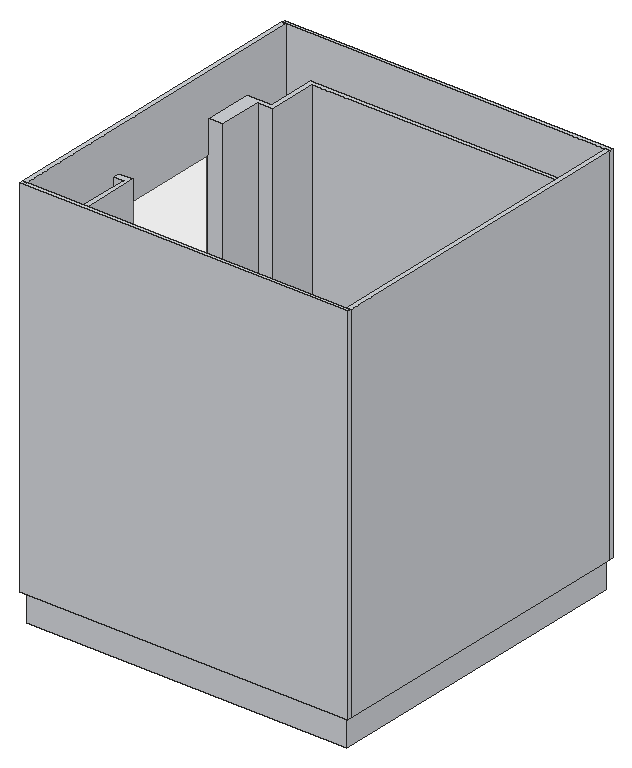
Revit family "Fira Modules Bathroom 2.6 Heart", category Generic Models, Revit 2015 (continued)
Lines and regions (mm)
  model lines
    curve 743: line (2258, 802, -15.62) -> (2258, 32, -0.2)
    curve 744: line (2258, 32, -0.2) -> (2258, 32, 2266)
    curve 745: line (2258, 2259, 0) -> (2258, 1004, -15.62)
    curve 746: line (2258, 1004, -15.62) -> (2258, 1000.876, -20.62)
    curve 747: line (2258, 1000.876, -20.62) -> (2258, 915.011, -30.32)
    curve 748: line (2258, 390.379, 1126.965) -> (2258, 256.133, 1126.965)
    curve 749: line (2258, 310.017, 1076.965) -> (2258, 256.133, 1076.965)
    curve 750: line (2258, 541.133, 1076.965) -> (2258, 432.273, 1076.965)
    curve 751: line (2258, 541.133, 1126.926) -> (2258, 541.133, 1076.965)
    curve 752: line (2258, 310.017, 916.405) -> (2258, 310.017, 1076.965)
    curve 753: line (2258, 326.742, 817.789) -> (2258, 317.626, 846.913)
    curve 754: line (2258, 353.703, 779.914) -> (2258, 338.868, 794.978)
    curve 755: line (2258, 370.837, 774.384) -> (2258, 353.703, 779.914)
    curve 756: line (2258, 387.971, 779.914) -> (2258, 370.837, 774.384)
    curve 757: line (2258, 402.806, 794.978) -> (2258, 387.971, 779.914)
    curve 758: line (2258, 414.932, 817.789) -> (2258, 402.806, 794.978)
    curve 759: line (2258, 424.048, 846.913) -> (2258, 414.932, 817.789)
    curve 760: line (2258, 429.732, 880.551) -> (2258, 424.048, 846.913)
    curve 761: line (2258, 431.657, 916.405) -> (2258, 429.732, 880.551)
    curve 762: line (2258, 432.273, 1076.965) -> (2258, 431.657, 916.405)
    curve 763: line (2258, 326.742, 817.789) -> (2258, 317.626, 846.913)
    curve 764: line (2258, 317.626, 846.913) -> (2258, 311.942, 880.551)
    curve 765: line (2258, 311.942, 880.551) -> (2258, 310.017, 916.405)
    curve 766: line (2258, 353.703, 779.914) -> (2258, 338.868, 794.978)
    curve 767: line (2258, 338.868, 794.978) -> (2258, 326.742, 817.789)
    curve 768: line (2258, 327.29, 849.23) -> (2258, 335.93, 821.626)
    curve 769: line (2258, 321.812, 881.647) -> (2258, 327.29, 849.23)
    curve 770: line (2258, 319.931, 916.674) -> (2258, 321.812, 881.647)
    curve 771: line (2258, 389.633, 1063.965) -> (2258, 389.633, 1076.965)
    curve 772: line (2258, 420.127, 1786.246) -> (2258, 420.127, 1674.965)
    curve 773: line (2258, 412.361, 1674.965) -> (2258, 412.361, 1788.784)
    curve 774: line (2258, 420.127, 1674.965) -> (2258, 416.25, 1674.965)
    curve 775: line (2258, 425.373, 1630.94) -> (2258, 422.483, 1126.965)
    curve 776: line (2258, 412.361, 1630.94) -> (2258, 425.373, 1630.94)
    curve 777: line (2258, 444.127, 1630.94) -> (2258, 435.353, 1630.94)
    curve 778: line (2258, 412.361, 1955.265) -> (2258, 390.361, 1955.265)
    curve 779: line (2258, 1003.559, -15.613) -> (2258, 2258, 0)
    curve 780: line (2258, 1000.468, -20.559) -> (2258, 914.949, -30.32)
    curve 781: line (2258, 915.011, -30.32) -> (2258, 890.989, -30.32)
    curve 782: line (2258, 891.051, -30.32) -> (2258, 805.532, -20.559)
    curve 783: line (2258, 1000.876, -20.62) -> (2258, 1004, -15.62)
    curve 784: line (2258, 805.532, -20.559) -> (2258, 802.439, -15.609)
    curve 785: line (2258, 802.439, -15.609) -> (2258, 32, -0.2)
    curve 786: line (2258, 2104.075, 969.797) -> (2258, 2104.075, 964.117)
    curve 787: line (2258, 2106.685, 1033.302) -> (2258, 2106.14, 1026.02)
    curve 788: line (2258, 32, 2266) -> (2258, 2258, 2266)
    curve 789: line (2258, 407.633, 1063.965) -> (2258, 389.633, 1063.965)
    curve 790: line (2258, 2258, 0) -> (2258, 2258, 2266)
    curve 791: line (2258, 1007, 3.46) -> (2258, 1620.5, 11.081)
    curve 792: line (2258, 790, 3.46) -> (2258, 1007, 3.46)
    curve 793: line (2258, 32, 18.32) -> (2258, 790, 3.46)
    curve 794: line (2258, 1620.5, 11.081) -> (2258, 1937.75, 14.753)
    curve 795: line (2258, 2106.578, 17) -> (2258, 1937.75, 14.753)
    curve 796: line (2258, 2258, 17) -> (2258, 2106.578, 17)
    curve 797: line (2258, 2085.804, 970.041) -> (2258, 2079.391, 970.041)
    curve 798: line (2198.227, 32, 1180.172) -> (2056.806, 32, 1321.593)
    curve 799: line (2119.484, 32, 1170.29) -> (2048.773, 32, 1241.001)
    curve 800: line (2248, 32, 0) -> (2248, 32, 2266)
    curve 801: line (2248, 32, 2266) -> (366, 32, 2266)
    curve 802: line (1610.201, 32, 2266) -> (1610.201, 32, 2264.999)
    curve 803: arc (1610.201, 32, 2264.999) -> (1611.652, 32, 2263.901) -> (1612.203, 32, 2262.168) r 3.002
    curve 804: line (1612.203, 32, 2262.168) -> (1612.203, 32, 2250.001)
    curve 805: arc (1612.203, 32, 2250.001) -> (1612.79, 32, 2248.584) -> (1614.206, 32, 2247.997) r 2.003
    curve 806: line (1614.206, 32, 2247.997) -> (1768.218, 32, 2247.997)
    curve 807: arc (1768.218, 32, 2247.997) -> (1769.62, 32, 2248.589) -> (1770.2, 32, 2249.996) r 1.999
    curve 808: line (1770.2, 32, 2249.996) -> (1770.2, 32, 2262.171)
    curve 809: arc (1770.2, 32, 2262.171) -> (1770.75, 32, 2263.904) -> (1772.2, 32, 2265) r 3
    curve 810: line (1772.2, 32, 2265) -> (1772.2, 32, 2266)
    curve 811: line (1988, 32, 8) -> (1988, 32, 2266)
    curve 812: line (1110.455, 32, 7) -> (1110.455, 32, 2266)
    curve 813: circle (1075.455, 32, 1007) r 20 normal (0, 1, 0)
    curve 814: line (803.521, 32, 1074.106) -> (520.678, 32, 1356.949)
    curve 815: line (2248, 32, 8) -> (1988, 32, 8)
    curve 816: line (1110.455, 32, 15.939) -> (1988, 32, 15.939)
    curve 817: line (366, 32, 2.615) -> (2248, 32, 2.615)
    curve 818: line (1055.5, 32, 7) -> (1110.455, 32, 7)
    curve 819: line (1057.5, 32, 7) -> (1057.5, 32, 2.615)
    curve 820: line (1055.5, 32, 10.364) -> (1055.5, 32, 2.615)
    curve 821: line (1042.5, 32, 10.364) -> (1055.5, 32, 10.364)
    curve 822: line (1042.5, 32, 2.615) -> (1042.5, 32, 10.364)
    curve 823: line (1040.5, 32, 2.615) -> (1040.5, 32, 7)
    curve 824: line (366, 32, 7) -> (1042.5, 32, 7)
    curve 825: line (366, 32, 2.615) -> (2248, 32, 2.615)
    curve 826: line (392, 32, 0) -> (2248, 32, 0)
    curve 827: line (689.422, 32, 1099.58) -> (548, 32, 1241.001)
    curve 828: line (2198.227, 32, 1180.172) -> (2056.806, 32, 1321.593)
    curve 829: line (2119.484, 32, 1170.29) -> (2048.773, 32, 1241.001)
    curve 830: line (2248, 32, 0) -> (2248, 32, 2266)
    curve 831: line (2248, 32, 2266) -> (366, 32, 2266)
    curve 832: line (1610.201, 32, 2266) -> (1610.201, 32, 2264.999)
    curve 833: arc (1610.201, 32, 2264.999) -> (1611.652, 32, 2263.901) -> (1612.203, 32, 2262.168) r 3.002
    curve 834: line (1612.203, 32, 2262.168) -> (1612.203, 32, 2250.001)
    curve 835: arc (1612.203, 32, 2250.001) -> (1612.79, 32, 2248.584) -> (1614.206, 32, 2247.997) r 2.003
    curve 836: line (1614.206, 32, 2247.997) -> (1768.218, 32, 2247.997)
    curve 837: arc (1768.218, 32, 2247.997) -> (1769.62, 32, 2248.589) -> (1770.2, 32, 2249.996) r 1.999
    curve 838: line (1770.2, 32, 2249.996) -> (1770.2, 32, 2262.171)
    curve 839: arc (1770.2, 32, 2262.171) -> (1770.75, 32, 2263.904) -> (1772.2, 32, 2265) r 3
    curve 840: line (1772.2, 32, 2265) -> (1772.2, 32, 2266)
    curve 841: line (1988, 32, 8) -> (1988, 32, 2266)
    curve 842: line (1110.455, 32, 7) -> (1110.455, 32, 2266)
    curve 843: circle (1075.455, 32, 1007) r 20 normal (0, 1, 0)
    curve 844: line (803.521, 32, 1074.106) -> (520.678, 32, 1356.949)
    curve 845: line (2248, 32, 8) -> (1988, 32, 8)
    curve 846: line (1110.455, 32, 15.939) -> (1988, 32, 15.939)
    curve 847: line (366, 32, 2.615) -> (2248, 32, 2.615)
    curve 848: line (1055.5, 32, 7) -> (1110.455, 32, 7)
    curve 849: line (1057.5, 32, 7) -> (1057.5, 32, 2.615)
    curve 850: line (1055.5, 32, 10.364) -> (1055.5, 32, 2.615)
    curve 851: line (1042.5, 32, 10.364) -> (1055.5, 32, 10.364)
    curve 852: line (1042.5, 32, 2.615) -> (1042.5, 32, 10.364)
    curve 853: line (1040.5, 32, 2.615) -> (1040.5, 32, 7)
    curve 854: line (366, 32, 7) -> (1042.5, 32, 7)
    curve 855: line (366, 32, 2.615) -> (2248, 32, 2.615)
    curve 856: line (392, 32, 0) -> (2248, 32, 0)
    curve 857: line (689.422, 32, 1099.58) -> (548, 32, 1241.001)
    curve 858: line (237, 1918, 2266) -> (237, 1918, 881)
    curve 859: line (237, 2268, 2161) -> (237, 2097, 2161)
    curve 860: line (237, 2097, 2161) -> (237, 2097, 1181)
    curve 861: line (237, 2092, 1181) -> (237, 2092, 2161)
    curve 862: line (237, 2268, 1181) -> (237, 2097, 1181)
    curve 863: line (237, 2169.6, 1035.209) -> (237, 2202.234, 1039.679)
    curve 864: line (237, 2202.234, 1039.679) -> (237, 2223.97, 881)
    curve 865: line (237, 2116.398, 1033.302) -> (237, 2170.316, 1029.981)
    curve 866: line (237, 2171.327, 1022.601) -> (237, 2115.802, 1026.117)
    curve 867: line (237, 2174.151, 1001.988) -> (237, 2171.327, 1022.601)
    curve 868: line (237, 2089.478, 1003.073) -> (237, 2174.151, 1001.988)
    curve 869: line (237, 2089.104, 970.113) -> (237, 2089.478, 1003.073)
    curve 870: line (237, 2095.517, 970.041) -> (237, 2089.104, 970.113)
    curve 871: line (237, 2113.617, 964.123) -> (237, 2095.329, 964.746)
    curve 872: line (237, 2178.674, 968.967) -> (237, 2113.787, 969.797)
    curve 873: line (237, 2190.724, 881) -> (237, 2178.674, 968.967)
    curve 874: line (237, 2113.767, 969.115) -> (237, 2113.617, 964.123)
    curve 875: line (237, 2095.329, 964.746) -> (237, 2095.517, 970.041)
    curve 876: line (237, 2159, 876) -> (237, 2159, 749.024)
    curve 877: arc (237, 2159, 749.024) -> (237, 2157.547, 745.476) -> (237, 2154.008, 744) r 5
    curve 878: line (237, 2154.008, 744) -> (237, 1891.992, 744)
    curve 879: arc (237, 1891.992, 744) -> (237, 1888.462, 745.467) -> (237, 1887, 749) r 5
    curve 880: line (237, 1887, 749) -> (237, 1887, 875.989)
    curve 881: arc (237, 1887, 875.989) -> (237, 1885.533, 879.538) -> (237, 1881.983, 881) r 5
    curve 882: line (237, 1881.983, 881) -> (237, 2154, 881)
    curve 883: line (237, 2154, 881) -> (237, 2164.017, 881)
    curve 884: arc (237, 2164.017, 881) -> (237, 2160.47, 879.542) -> (237, 2159, 876) r 5
    curve 885: line (237, 2108, 14.217) -> (237, 2108, 664)
    curve 886: line (237, 2108, 664) -> (237, 2108, 669)
    curve 887: line (237, 2108, 669) -> (237, 1846, 669)
    curve 888: line (237, 1846, 669) -> (237, 1846, 869)
    curve 889: line (237, 1846, 869) -> (237, 1877, 869)
    curve 890: line (237, 1877, 869) -> (237, 1877, 749)
    curve 891: arc (237, 1877, 749) -> (237, 1881.401, 738.386) -> (237, 1892.022, 734) r 15
    curve 892: line (237, 1892.022, 734) -> (237, 2153.978, 734)
    curve 893: arc (237, 2153.978, 734) -> (237, 2164.599, 738.386) -> (237, 2169, 749) r 15
    curve 894: line (237, 2169, 749) -> (237, 2169, 869)
    curve 895: line (237, 2169, 869) -> (237, 2268, 869)
    curve 896: line (237, 2108, 669) -> (237, 1846, 669)
    curve 897: line (237, 2093.884, 14.04) -> (237, 2093.884, 669)
    curve 898: line (237, 2108, 14.217) -> (237, 2108, 664)
    curve 899: line (237, 1830.597, 131.174) -> (237, 2093.962, 131.174)
    curve 900: line (237, 2093.962, 131.174) -> (237, 2093.962, 451.949)
    curve 901: line (237, 2093.962, 451.949) -> (237, 1613.986, 451.949)
    curve 902: line (237, 1613.986, 451.949) -> (237, 1612.966, 429.949)
    curve 903: line (237, 1612.966, 429.949) -> (237, 1640.67, 335.174)
    curve 904: line (237, 1640.67, 335.174) -> (237, 1666.434, 292.674)
    curve 905: line (237, 1666.434, 292.674) -> (237, 1690.395, 258.674)
    curve 906: line (237, 1690.395, 258.674) -> (237, 1712.679, 233.174)
    curve 907: line (237, 1712.679, 233.174) -> (237, 1733.402, 211.924)
    curve 908: line (237, 1733.402, 211.924) -> (237, 1752.675, 194.924)
    curve 909: line (237, 1752.675, 194.924) -> (237, 1770.599, 177.924)
    curve 910: line (237, 1770.599, 177.924) -> (237, 1787.269, 165.174)
    curve 911: line (237, 1787.269, 165.174) -> (237, 1802.771, 152.424)
    curve 912: line (237, 1802.771, 152.424) -> (237, 1817.188, 139.674)
    curve 913: line (237, 1817.188, 139.674) -> (237, 1830.597, 131.174)
    curve 914: line (237, 2093.962, 429.949) -> (237, 1612.966, 429.949)
    curve 915: arc (237, 1729.021, 1044.764) -> (237, 1716.525, 1117.427) -> (237, 1701.999, 1045.142) r 37.5
    curve 916: line (237, 1701.999, 1045.142) -> (237, 1701.999, 1042.719)
    curve 917: arc (237, 1701.999, 1042.719) -> (237, 1716.525, 970.435) -> (237, 1729.021, 1043.098) r 37.5
    curve 918: line (237, 1729.021, 1043.098) -> (237, 1729.021, 1044.764)
    curve 919: circle (237, 1716, 1079.931) r 34 normal (1, 0, 0)
    curve 920: circle (237, 1716, 1007.931) r 34 normal (1, 0, 0)
    curve 921: line (237, 1916.895, 131.174) -> (237, 1916.895, 11.814)
    curve 922: line (237, 1918, 660.652) -> (237, 1918, 451.949)
    curve 923: line (237, 1616, 660.652) -> (237, 1918, 660.652)
    curve 924: line (237, 2268, 881) -> (237, 2164.017, 881)
    curve 925: line (237, 1881.983, 881) -> (237, 1827, 881)
    curve 926: line (237, 2170.316, 1029.981) -> (237, 2169.6, 1035.209)
    curve 927: line (237, 1832, 869) -> (237, 1832, 669)
    curve 928: line (237, 1832, 669) -> (237, 1846, 669)
    curve 929: line (237, 1827, 869) -> (237, 1832, 869)
    curve 930: line (237, 1827, 881) -> (237, 1827, 869)
    curve 931: arc (237, 2115.699, 1030.557) -> (237, 2115.565, 1028.333) -> (237, 2115.802, 1026.117) r 13.391
    curve 932: line (237, 2116.398, 1033.302) -> (237, 2115.988, 1032.56)
    curve 933: line (237, 2115.988, 1032.56) -> (237, 2115.699, 1030.557)
    curve 934: line (237, 815.124, -20.62) -> (237, 812, -15.62)
    curve 935: line (237, 1013.992, -15.62) -> (237, 1010.876, -20.62)
    curve 936: line (237, 1616, 2266) -> (237, 2268, 2266)
    curve 937: line (237, 2268, 16.002) -> (237, 1616, 7.887)
    curve 938: line (132, 788, 2266) -> (132, 788, 10.885)
    curve 939: line (132, 801.12, 2262) -> (132, 801.12, 8)
    curve 940: line (132, 809.88, 2262) -> (132, 801.12, 2262)
    curve 941: line (132, 809.88, 8) -> (132, 809.88, 2262)
    curve 942: line (132, 800.546, 10.634) -> (132, 788, 10.885)
    curve 943: line (132, 800.426, 4.635) -> (132, 800.546, 10.634)
    curve 944: line (132, 809.924, 4.445) -> (132, 800.426, 4.635)
    curve 945: line (132, 801.12, 8) -> (132, 802.12, 7)
    curve 946: line (132, 802.12, 7) -> (132, 808.88, 7)
    curve 947: line (132, 808.88, 7) -> (132, 809.88, 8)
    curve 948: line (132, 814.044, 10.364) -> (132, 810.044, 10.444)
    curve 949: line (132, 813.864, 1.366) -> (132, 814.044, 10.364)
    curve 950: line (132, 814.001, 0.46) -> (132, 813.864, 1.366)
    curve 951: line (132, 912.499, -31.62) -> (132, 815.124, -20.62)
    curve 952: line (132, 815.124, -20.62) -> (132, 812, -15.62)
    curve 953: line (132, 812, -15.62) -> (132, 42, -0.22)
    curve 954: line (132, 1013.992, -15.62) -> (132, 1010.876, -20.62)
    curve 955: line (132, 1010.876, -20.62) -> (132, 913.501, -31.62)
    curve 956: line (132, 372, 2266) -> (132, 1616, 2266)
    curve 957: line (132, 1616, -8.127) -> (132, 1013.992, -15.62)
    curve 958: line (132, 1616, 2266) -> (237, 1616, 2266)
    curve 959: line (237, 1918, 2266) -> (237, 1918, 881)
    curve 960: line (237, 2268, 2161) -> (237, 2097, 2161)
    curve 961: line (237, 2097, 2161) -> (237, 2097, 1181)
    curve 962: line (237, 2092, 1181) -> (237, 2092, 2161)
    curve 963: line (237, 2268, 1181) -> (237, 2097, 1181)
    curve 964: line (237, 2169.6, 1035.209) -> (237, 2202.234, 1039.679)
    curve 965: line (237, 2202.234, 1039.679) -> (237, 2223.97, 881)
    curve 966: line (237, 2116.398, 1033.302) -> (237, 2170.316, 1029.981)
    curve 967: line (237, 2171.327, 1022.601) -> (237, 2115.802, 1026.117)
    curve 968: line (237, 2174.151, 1001.988) -> (237, 2171.327, 1022.601)
    curve 969: line (237, 2089.478, 1003.073) -> (237, 2174.151, 1001.988)
    curve 970: line (237, 2089.104, 970.113) -> (237, 2089.478, 1003.073)
    curve 971: line (237, 2095.517, 970.041) -> (237, 2089.104, 970.113)
    curve 972: line (237, 2113.617, 964.123) -> (237, 2095.329, 964.746)
    curve 973: line (237, 2178.674, 968.967) -> (237, 2113.787, 969.797)
    curve 974: line (237, 2190.724, 881) -> (237, 2178.674, 968.967)
    curve 975: line (237, 2113.767, 969.115) -> (237, 2113.617, 964.123)
    curve 976: line (237, 2095.329, 964.746) -> (237, 2095.517, 970.041)
    curve 977: line (237, 2159, 876) -> (237, 2159, 749.024)
    curve 978: arc (237, 2159, 749.024) -> (237, 2157.547, 745.476) -> (237, 2154.008, 744) r 5
    curve 979: line (237, 2154.008, 744) -> (237, 1891.992, 744)
    curve 980: arc (237, 1891.992, 744) -> (237, 1888.462, 745.467) -> (237, 1887, 749) r 5
    curve 981: line (237, 1887, 749) -> (237, 1887, 875.989)
    curve 982: arc (237, 1887, 875.989) -> (237, 1885.533, 879.538) -> (237, 1881.983, 881) r 5
    curve 983: line (237, 1881.983, 881) -> (237, 2154, 881)
    curve 984: line (237, 2154, 881) -> (237, 2164.017, 881)
    curve 985: arc (237, 2164.017, 881) -> (237, 2160.47, 879.542) -> (237, 2159, 876) r 5
    curve 986: line (237, 2108, 14.217) -> (237, 2108, 664)
    curve 987: line (237, 2108, 664) -> (237, 2108, 669)
    curve 988: line (237, 2108, 669) -> (237, 1846, 669)
    curve 989: line (237, 1846, 669) -> (237, 1846, 869)
    curve 990: line (237, 1846, 869) -> (237, 1877, 869)
    curve 991: line (237, 1877, 869) -> (237, 1877, 749)
    curve 992: arc (237, 1877, 749) -> (237, 1881.401, 738.386) -> (237, 1892.022, 734) r 15
    curve 993: line (237, 1892.022, 734) -> (237, 2153.978, 734)
    curve 994: arc (237, 2153.978, 734) -> (237, 2164.599, 738.386) -> (237, 2169, 749) r 15
    curve 995: line (237, 2169, 749) -> (237, 2169, 869)
    curve 996: line (237, 2169, 869) -> (237, 2268, 869)
    curve 997: line (237, 2108, 669) -> (237, 1846, 669)
    curve 998: line (237, 2093.884, 14.04) -> (237, 2093.884, 669)
    curve 999: line (237, 2108, 14.217) -> (237, 2108, 664)
    curve 1000: line (237, 1830.597, 131.174) -> (237, 2093.962, 131.174)
    curve 1001: line (237, 2093.962, 131.174) -> (237, 2093.962, 451.949)
    curve 1002: line (237, 2093.962, 451.949) -> (237, 1613.986, 451.949)
    curve 1003: line (237, 1613.986, 451.949) -> (237, 1612.966, 429.949)
    curve 1004: line (237, 1612.966, 429.949) -> (237, 1640.67, 335.174)
    curve 1005: line (237, 1640.67, 335.174) -> (237, 1666.434, 292.674)
    curve 1006: line (237, 1666.434, 292.674) -> (237, 1690.395, 258.674)
    curve 1007: line (237, 1690.395, 258.674) -> (237, 1712.679, 233.174)
    curve 1008: line (237, 1712.679, 233.174) -> (237, 1733.402, 211.924)
    curve 1009: line (237, 1733.402, 211.924) -> (237, 1752.675, 194.924)
    curve 1010: line (237, 1752.675, 194.924) -> (237, 1770.599, 177.924)
    curve 1011: line (237, 1770.599, 177.924) -> (237, 1787.269, 165.174)
    curve 1012: line (237, 1787.269, 165.174) -> (237, 1802.771, 152.424)
    curve 1013: line (237, 1802.771, 152.424) -> (237, 1817.188, 139.674)
    curve 1014: line (237, 1817.188, 139.674) -> (237, 1830.597, 131.174)
    curve 1015: line (237, 2093.962, 429.949) -> (237, 1612.966, 429.949)
    curve 1016: arc (237, 1729.021, 1044.764) -> (237, 1716.525, 1117.427) -> (237, 1701.999, 1045.142) r 37.5
    curve 1017: line (237, 1701.999, 1045.142) -> (237, 1701.999, 1042.719)
    curve 1018: arc (237, 1701.999, 1042.719) -> (237, 1716.525, 970.435) -> (237, 1729.021, 1043.098) r 37.5
    curve 1019: line (237, 1729.021, 1043.098) -> (237, 1729.021, 1044.764)
    curve 1020: circle (237, 1716, 1079.931) r 34 normal (1, 0, 0)
    curve 1021: circle (237, 1716, 1007.931) r 34 normal (1, 0, 0)
    curve 1022: line (237, 1916.895, 131.174) -> (237, 1916.895, 11.814)
    curve 1023: line (237, 1918, 660.652) -> (237, 1918, 451.949)
    curve 1024: line (237, 1616, 660.652) -> (237, 1918, 660.652)
    curve 1025: line (237, 2268, 881) -> (237, 2164.017, 881)
    curve 1026: line (237, 1881.983, 881) -> (237, 1827, 881)
    curve 1027: line (237, 2170.316, 1029.981) -> (237, 2169.6, 1035.209)
    curve 1028: line (237, 1832, 869) -> (237, 1832, 669)
    curve 1029: line (237, 1832, 669) -> (237, 1846, 669)
    curve 1030: line (237, 1827, 869) -> (237, 1832, 869)
    curve 1031: line (237, 1827, 881) -> (237, 1827, 869)
    curve 1032: arc (237, 2115.699, 1030.557) -> (237, 2115.565, 1028.333) -> (237, 2115.802, 1026.117) r 13.391
    curve 1033: line (237, 2116.398, 1033.302) -> (237, 2115.988, 1032.56)
    curve 1034: line (237, 2115.988, 1032.56) -> (237, 2115.699, 1030.557)
    curve 1035: line (237, 815.124, -20.62) -> (237, 812, -15.62)
    curve 1036: line (237, 1013.992, -15.62) -> (237, 1010.876, -20.62)
    curve 1037: line (237, 1616, 2266) -> (237, 2268, 2266)
    curve 1038: line (237, 2268, 16.002) -> (237, 1616, 7.887)
    curve 1039: line (132, 788, 2266) -> (132, 788, 10.885)
    curve 1040: line (132, 801.12, 2262) -> (132, 801.12, 8)
    curve 1041: line (132, 809.88, 2262) -> (132, 801.12, 2262)
    curve 1042: line (132, 809.88, 8) -> (132, 809.88, 2262)
    curve 1043: line (132, 800.546, 10.634) -> (132, 788, 10.885)
    curve 1044: line (132, 800.426, 4.635) -> (132, 800.546, 10.634)
    curve 1045: line (132, 809.924, 4.445) -> (132, 800.426, 4.635)
    curve 1046: line (132, 801.12, 8) -> (132, 802.12, 7)
    curve 1047: line (132, 802.12, 7) -> (132, 808.88, 7)
    curve 1048: line (132, 808.88, 7) -> (132, 809.88, 8)
    curve 1049: line (132, 814.044, 10.364) -> (132, 810.044, 10.444)
    curve 1050: line (132, 813.864, 1.366) -> (132, 814.044, 10.364)
    curve 1051: line (132, 814.001, 0.46) -> (132, 813.864, 1.366)
    curve 1052: line (132, 912.499, -31.62) -> (132, 815.124, -20.62)
    curve 1053: line (132, 815.124, -20.62) -> (132, 812, -15.62)
    curve 1054: line (132, 1013.992, -15.62) -> (132, 1010.876, -20.62)
    curve 1055: line (132, 1010.876, -20.62) -> (132, 913.501, -31.62)
    curve 1056: line (132, 372, 2266) -> (132, 1616, 2266)
    curve 1057: line (132, 812, -15.62) -> (132, 42, -0.22)
    curve 1058: line (132, 1616, -8.127) -> (132, 1013.992, -15.62)
    curve 1059: line (132, 1616, 2266) -> (237, 1616, 2266)
    curve 1060: line (2248, 2268, -13.243) -> (2248, 2268, 2266)
    curve 1061: line (237, 2268, 2266) -> (2248, 2268, 2266)
    curve 1062: line (2248, 2268, 2161) -> (1063, 2268, 2161)
    curve 1063: line (1063, 2268, 2161) -> (650.5, 2268, 2161)
    curve 1064: line (645.5, 2268, 2161) -> (237, 2268, 2161)
    curve 1065: line (1058, 2268, 2161) -> (1058, 2268, 1181)
    curve 1066: line (645.5, 2268, 1181) -> (645.5, 2268, 2161)
    curve 1067: line (650.5, 2268, 2161) -> (650.5, 2268, 1181)
    curve 1068: line (1058, 2268, 1181) -> (2248, 2268, 1181)
    curve 1069: line (650.5, 2268, 1181) -> (1058, 2268, 1181)
    curve 1070: line (1058, 2268, 1176.014) -> (237, 2268, 1176.014)
    curve 1071: line (237, 2268, 1181) -> (645.5, 2268, 1181)
    curve 1072: line (759.5, 2268, 1126.014) -> (536.5, 2268, 1126.014)
    curve 1073: line (536.5, 2268, 1126.014) -> (536.5, 2268, 986.014)
    curve 1074: line (536.5, 2268, 986.014) -> (759.5, 2268, 986.014)
    curve 1075: line (759.5, 2268, 986.014) -> (759.5, 2268, 1126.014)
    curve 1076: line (1058, 2268, 881) -> (1058, 2268, 1176.014)
    curve 1077: line (2245, 2268, 881) -> (1058, 2268, 881)
    curve 1078: line (1058, 2268, 869) -> (2245, 2268, 869)
    curve 1079: line (1058, 2268, 160.247) -> (1058, 2268, 869)
    curve 1080: line (1059, 2268, 869) -> (1059, 2268, 669)
    curve 1081: line (1059, 2268, 669) -> (2245, 2268, 669)
    curve 1082: line (1060, 2268, 664) -> (1085.647, 2268, 664)
    curve 1083: line (1060, 2268, 161.527) -> (1060, 2268, 664)
    curve 1084: line (1085.647, 2268, 669) -> (1085.647, 2268, 220.064)
    curve 1085: line (1097.647, 2268, 219.669) -> (1097.647, 2268, 669)
    curve 1086: line (1097.647, 2268, 664) -> (1651, 2268, 664)
    curve 1087: line (1018.223, 2268, 600.175) -> (1018.223, 2268, 828.775)
    curve 1088: line (1018.223, 2268, 828.775) -> (987.743, 2268, 828.775)
    curve 1089: line (987.743, 2268, 828.775) -> (987.743, 2268, 600.175)
    curve 1090: line (1652, 2268, 669) -> (1652, 2268, 869)
    curve 1091: line (1651, 2268, 664) -> (1651, 2268, 17)
    curve 1092: line (1653, 2268, 17) -> (1653, 2268, 664)
    curve 1093: line (1653, 2268, 664) -> (2244, 2268, 664)
    curve 1094: line (1651, 2268, 17) -> (1060, 2268, 17)
    curve 1095: line (2244, 2268, 17) -> (1653, 2268, 17)
    curve 1096: line (1060, 2268, 17) -> (1060, 2268, 149.282)
    curve 1097: line (1058, 2268, 17.014) -> (1058, 2268, 148.875)
    curve 1098: line (825.098, 2268, 478.074) -> (459.903, 2268, 478.074)
    curve 1099: line (459.903, 2268, 478.074) -> (459.157, 2268, 456.074)
    curve 1100: line (459.157, 2268, 456.074) -> (825.845, 2268, 456.074)
    curve 1101: line (825.845, 2268, 456.074) -> (825.098, 2268, 478.074)
    curve 1102: line (468.269, 2268, 456.074) -> (480.465, 2268, 361.299)
    curve 1103: line (480.465, 2268, 361.299) -> (491.808, 2268, 318.799)
    curve 1104: line (491.808, 2268, 318.799) -> (502.356, 2268, 284.799)
    curve 1105: line (502.356, 2268, 284.799) -> (512.166, 2268, 259.299)
    curve 1106: line (512.166, 2268, 259.299) -> (521.29, 2268, 238.049)
    curve 1107: line (521.29, 2268, 238.049) -> (529.774, 2268, 221.049)
    curve 1108: line (529.774, 2268, 221.049) -> (537.665, 2268, 204.049)
    curve 1109: line (537.665, 2268, 204.049) -> (545.004, 2268, 191.299)
    curve 1110: line (545.004, 2268, 191.299) -> (551.828, 2268, 178.549)
    curve 1111: line (551.828, 2268, 178.549) -> (558.176, 2268, 165.799)
    curve 1112: line (558.176, 2268, 165.799) -> (564.078, 2268, 157.299)
    curve 1113: line (564.078, 2268, 157.299) -> (720.923, 2268, 157.299)
    curve 1114: line (720.923, 2268, 157.299) -> (726.826, 2268, 165.799)
    curve 1115: line (726.826, 2268, 165.799) -> (733.173, 2268, 178.549)
    curve 1116: line (733.173, 2268, 178.549) -> (739.998, 2268, 191.299)
    curve 1117: line (739.998, 2268, 191.299) -> (747.336, 2268, 204.049)
    curve 1118: line (747.336, 2268, 204.049) -> (755.227, 2268, 221.049)
    curve 1119: line (755.227, 2268, 221.049) -> (763.712, 2268, 238.049)
    curve 1120: line (763.712, 2268, 238.049) -> (772.835, 2268, 259.299)
    curve 1121: line (772.835, 2268, 259.299) -> (782.645, 2268, 284.799)
    curve 1122: line (782.645, 2268, 284.799) -> (793.194, 2268, 318.799)
    curve 1123: line (793.194, 2268, 318.799) -> (804.536, 2268, 361.299)
    curve 1124: line (804.536, 2268, 361.299) -> (816.733, 2268, 456.074)
    curve 1125: line (1529.091, 2268, 1524.106) -> (1811.934, 2268, 1806.949)
    curve 1126: line (1678.546, 2268, 1534.935) -> (1819.967, 2268, 1676.356)
    curve 1127: line (1085.647, 2268, 669) -> (1085.647, 2268, 220.064)
    curve 1128: line (1085.647, 2268, 220.064) -> (1084.206, 2268, 203.157)
    curve 1129: line (1084.206, 2268, 203.157) -> (1080.062, 2268, 187.699)
    curve 1130: line (1080.062, 2268, 187.699) -> (1073.588, 2268, 174.661)
    curve 1131: line (1073.588, 2268, 174.661) -> (1065.453, 2268, 165.016)
    curve 1132: line (1065.453, 2268, 165.016) -> (1060, 2268, 161.527)
    curve 1133: line (1060, 2268, 161.527) -> (1056.566, 2268, 159.329)
    curve 1134: line (1056.566, 2268, 159.329) -> (1047.935, 2268, 157.576)
    curve 1135: line (1047.935, 2268, 157.576) -> (1039.062, 2268, 159.381)
    curve 1136: line (1039.062, 2268, 159.381) -> (1030.194, 2268, 165.057)
    curve 1137: line (1030.194, 2268, 165.057) -> (1022.069, 2268, 174.69)
    curve 1138: line (1022.069, 2268, 174.69) -> (1015.6, 2268, 187.717)
    curve 1139: line (1015.6, 2268, 187.717) -> (1011.458, 2268, 203.166)
    curve 1140: line (1011.458, 2268, 203.166) -> (1010.018, 2268, 220.066)
    curve 1141: line (1010.018, 2268, 220.066) -> (1010.018, 2268, 600.175)
    curve 1142: line (1061.786, 2268, 149.645) -> (1074.036, 2268, 157.486)
    curve 1143: line (1074.036, 2268, 157.486) -> (1084.046, 2268, 169.353)
    curve 1144: line (1084.046, 2268, 169.353) -> (1091.494, 2268, 184.351)
    curve 1145: line (1091.494, 2268, 184.351) -> (1096.102, 2268, 201.541)
    curve 1146: line (1096.102, 2268, 201.541) -> (1097.647, 2268, 219.669)
    curve 1147: line (1097.647, 2268, 219.669) -> (1097.647, 2268, 669)
    curve 1148: line (988.262, 2268, 600.175) -> (989.785, 2268, 600.175)
    curve 1149: line (989.785, 2268, 600.175) -> (992.206, 2268, 600.175)
    curve 1150: line (992.206, 2268, 600.175) -> (995.363, 2268, 600.175)
    curve 1151: line (995.363, 2268, 600.175) -> (998.058, 2268, 600.175)
    curve 1152: line (998.058, 2268, 600.175) -> (998.058, 2268, 219.667)
    curve 1153: line (998.058, 2268, 219.667) -> (999.604, 2268, 201.532)
    curve 1154: line (999.604, 2268, 201.532) -> (1004.214, 2268, 184.333)
    curve 1155: line (1004.214, 2268, 184.333) -> (1011.667, 2268, 169.324)
    curve 1156: line (1011.667, 2268, 169.324) -> (1021.687, 2268, 157.445)
    curve 1157: line (1021.687, 2268, 157.445) -> (1033.948, 2268, 149.598)
    curve 1158: line (1033.948, 2268, 149.598) -> (1047.75, 2268, 146.79)
    curve 1159: line (1047.75, 2268, 146.79) -> (1061.786, 2268, 149.645)
    curve 1160: line (1060, 2268, 149.282) -> (1060, 2268, 17.014)
    curve 1161: line (1060, 2268, 17.014) -> (237, 2268, 17.014)
    curve 1162: arc (1369.127, 2268, 973.129) -> (1360.182, 2268, 1003.209) -> (1350.873, 2268, 973.239) r 16.4
    curve 1163: line (1350.873, 2268, 964.277) -> (1350.873, 2268, 973.239)
    curve 1164: line (1360, 2268, 964.073) -> (1354.939, 2268, 964.175)
    curve 1165: line (1354.939, 2268, 964.175) -> (1350.873, 2268, 964.277)
    curve 1166: line (1369.127, 2268, 964.257) -> (1360, 2268, 964.073)
    curve 1167: line (1369.127, 2268, 973.129) -> (1369.127, 2268, 964.257)
    curve 1168: line (1343.519, 2268, 881) -> (1343.519, 2268, 1038.021)
    curve 1169: line (1376.457, 2268, 1038.018) -> (1376.457, 2268, 881)
    curve 1170: line (1354.78, 2268, 1039.578) -> (1359.095, 2268, 1039.705)
    curve 1171: line (1343.519, 2268, 1038.021) -> (1346.01, 2268, 1038.632)
    curve 1172: line (1346.01, 2268, 1038.632) -> (1349.094, 2268, 1039.227)
    curve 1173: line (1373.526, 2268, 1038.736) -> (1376.457, 2268, 1038.018)
    curve 1174: line (1370.026, 2268, 1039.279) -> (1373.526, 2268, 1038.736)
    curve 1175: line (1364.37, 2268, 1039.628) -> (1370.026, 2268, 1039.279)
    curve 1176: line (1359.095, 2268, 1039.705) -> (1364.37, 2268, 1039.628)
    curve 1177: line (1349.094, 2268, 1039.227) -> (1354.78, 2268, 1039.578)
    curve 1178: line (1010.018, 2268, 600.175) -> (1018.223, 2268, 600.175)
    curve 1179: line (2245, 2268, 669) -> (2245, 2268, 869)
    curve 1180: line (2245, 2268, 869) -> (2245, 2268, 881)
    curve 1181: line (2244, 2268, 664) -> (2244, 2268, 17)
    curve 1182: line (237, 2268, 2266) -> (2248, 2268, 2266)
    curve 1183: line (2248, 2268, 2161) -> (1063, 2268, 2161)
    curve 1184: line (1063, 2268, 2161) -> (650.5, 2268, 2161)
    curve 1185: line (645.5, 2268, 2161) -> (237, 2268, 2161)
    curve 1186: line (1058, 2268, 2161) -> (1058, 2268, 1181)
    curve 1187: line (645.5, 2268, 1181) -> (645.5, 2268, 2161)
    curve 1188: line (650.5, 2268, 2161) -> (650.5, 2268, 1181)
    curve 1189: line (1058, 2268, 1181) -> (2248, 2268, 1181)
    curve 1190: line (650.5, 2268, 1181) -> (1058, 2268, 1181)
    curve 1191: line (1058, 2268, 1176.014) -> (237, 2268, 1176.014)
    curve 1192: line (237, 2268, 1181) -> (645.5, 2268, 1181)
    curve 1193: line (759.5, 2268, 1126.014) -> (536.5, 2268, 1126.014)
    curve 1194: line (536.5, 2268, 1126.014) -> (536.5, 2268, 986.014)
    curve 1195: line (536.5, 2268, 986.014) -> (759.5, 2268, 986.014)
    curve 1196: line (759.5, 2268, 986.014) -> (759.5, 2268, 1126.014)
    curve 1197: line (1058, 2268, 881) -> (1058, 2268, 1176.014)
    curve 1198: line (2245, 2268, 881) -> (1058, 2268, 881)
    curve 1199: line (1058, 2268, 869) -> (2245, 2268, 869)
    curve 1200: line (1058, 2268, 160.247) -> (1058, 2268, 869)
    curve 1201: line (1059, 2268, 869) -> (1059, 2268, 669)
    curve 1202: line (1059, 2268, 669) -> (2245, 2268, 669)
    curve 1203: line (1060, 2268, 664) -> (1085.647, 2268, 664)
    curve 1204: line (1060, 2268, 161.527) -> (1060, 2268, 664)
    curve 1205: line (1085.647, 2268, 669) -> (1085.647, 2268, 220.064)
    curve 1206: line (1097.647, 2268, 219.669) -> (1097.647, 2268, 669)
    curve 1207: line (1097.647, 2268, 664) -> (1651, 2268, 664)
    curve 1208: line (1018.223, 2268, 600.175) -> (1018.223, 2268, 828.775)
    curve 1209: line (1018.223, 2268, 828.775) -> (987.743, 2268, 828.775)
    curve 1210: line (987.743, 2268, 828.775) -> (987.743, 2268, 600.175)
    curve 1211: line (1652, 2268, 669) -> (1652, 2268, 869)
    curve 1212: line (1651, 2268, 664) -> (1651, 2268, 17)
    curve 1213: line (1653, 2268, 17) -> (1653, 2268, 664)
    curve 1214: line (1653, 2268, 664) -> (2244, 2268, 664)
    curve 1215: line (1651, 2268, 17) -> (1060, 2268, 17)
    curve 1216: line (2244, 2268, 17) -> (1653, 2268, 17)
    curve 1217: line (1060, 2268, 17) -> (1060, 2268, 149.282)
    curve 1218: line (1058, 2268, 17.014) -> (1058, 2268, 148.875)
    curve 1219: line (825.098, 2268, 478.074) -> (459.903, 2268, 478.074)
    curve 1220: line (459.903, 2268, 478.074) -> (459.157, 2268, 456.074)
    curve 1221: line (459.157, 2268, 456.074) -> (825.845, 2268, 456.074)
    curve 1222: line (825.845, 2268, 456.074) -> (825.098, 2268, 478.074)
    curve 1223: line (468.269, 2268, 456.074) -> (480.465, 2268, 361.299)
    curve 1224: line (480.465, 2268, 361.299) -> (491.808, 2268, 318.799)
    curve 1225: line (491.808, 2268, 318.799) -> (502.356, 2268, 284.799)
    curve 1226: line (502.356, 2268, 284.799) -> (512.166, 2268, 259.299)
    curve 1227: line (512.166, 2268, 259.299) -> (521.29, 2268, 238.049)
    curve 1228: line (521.29, 2268, 238.049) -> (529.774, 2268, 221.049)
    curve 1229: line (529.774, 2268, 221.049) -> (537.665, 2268, 204.049)
    curve 1230: line (537.665, 2268, 204.049) -> (545.004, 2268, 191.299)
    curve 1231: line (545.004, 2268, 191.299) -> (551.828, 2268, 178.549)
    curve 1232: line (551.828, 2268, 178.549) -> (558.176, 2268, 165.799)
    curve 1233: line (558.176, 2268, 165.799) -> (564.078, 2268, 157.299)
    curve 1234: line (564.078, 2268, 157.299) -> (720.923, 2268, 157.299)
    curve 1235: line (720.923, 2268, 157.299) -> (726.826, 2268, 165.799)
    curve 1236: line (726.826, 2268, 165.799) -> (733.173, 2268, 178.549)
    curve 1237: line (733.173, 2268, 178.549) -> (739.998, 2268, 191.299)
    curve 1238: line (739.998, 2268, 191.299) -> (747.336, 2268, 204.049)
    curve 1239: line (747.336, 2268, 204.049) -> (755.227, 2268, 221.049)
    curve 1240: line (755.227, 2268, 221.049) -> (763.712, 2268, 238.049)
    curve 1241: line (763.712, 2268, 238.049) -> (772.835, 2268, 259.299)
    curve 1242: line (772.835, 2268, 259.299) -> (782.645, 2268, 284.799)
    curve 1243: line (782.645, 2268, 284.799) -> (793.194, 2268, 318.799)
    curve 1244: line (793.194, 2268, 318.799) -> (804.536, 2268, 361.299)
    curve 1245: line (804.536, 2268, 361.299) -> (816.733, 2268, 456.074)
    curve 1246: line (1529.091, 2268, 1524.106) -> (1811.934, 2268, 1806.949)
    curve 1247: line (1678.546, 2268, 1534.935) -> (1819.967, 2268, 1676.356)
    curve 1248: line (1085.647, 2268, 669) -> (1085.647, 2268, 220.064)
    curve 1249: line (1085.647, 2268, 220.064) -> (1084.206, 2268, 203.157)
    curve 1250: line (1084.206, 2268, 203.157) -> (1080.062, 2268, 187.699)
    curve 1251: line (1080.062, 2268, 187.699) -> (1073.588, 2268, 174.661)
    curve 1252: line (1073.588, 2268, 174.661) -> (1065.453, 2268, 165.016)
    curve 1253: line (1065.453, 2268, 165.016) -> (1060, 2268, 161.527)
    curve 1254: line (1060, 2268, 161.527) -> (1056.566, 2268, 159.329)
    curve 1255: line (1056.566, 2268, 159.329) -> (1047.935, 2268, 157.576)
    curve 1256: line (1047.935, 2268, 157.576) -> (1039.062, 2268, 159.381)
    curve 1257: line (1039.062, 2268, 159.381) -> (1030.194, 2268, 165.057)
    curve 1258: line (1030.194, 2268, 165.057) -> (1022.069, 2268, 174.69)
    curve 1259: line (1022.069, 2268, 174.69) -> (1015.6, 2268, 187.717)
    curve 1260: line (1015.6, 2268, 187.717) -> (1011.458, 2268, 203.166)
    curve 1261: line (1011.458, 2268, 203.166) -> (1010.018, 2268, 220.066)
    curve 1262: line (1010.018, 2268, 220.066) -> (1010.018, 2268, 600.175)
    curve 1263: line (1061.786, 2268, 149.645) -> (1074.036, 2268, 157.486)
    curve 1264: line (1074.036, 2268, 157.486) -> (1084.046, 2268, 169.353)
    curve 1265: line (1084.046, 2268, 169.353) -> (1091.494, 2268, 184.351)
    curve 1266: line (1091.494, 2268, 184.351) -> (1096.102, 2268, 201.541)
    curve 1267: line (1096.102, 2268, 201.541) -> (1097.647, 2268, 219.669)
    curve 1268: line (1097.647, 2268, 219.669) -> (1097.647, 2268, 669)
    curve 1269: line (988.262, 2268, 600.175) -> (989.785, 2268, 600.175)
    curve 1270: line (989.785, 2268, 600.175) -> (992.206, 2268, 600.175)
    curve 1271: line (992.206, 2268, 600.175) -> (995.363, 2268, 600.175)
    curve 1272: line (995.363, 2268, 600.175) -> (998.058, 2268, 600.175)
    curve 1273: line (998.058, 2268, 600.175) -> (998.058, 2268, 219.667)
    curve 1274: line (998.058, 2268, 219.667) -> (999.604, 2268, 201.532)
    curve 1275: line (999.604, 2268, 201.532) -> (1004.214, 2268, 184.333)
    curve 1276: line (1004.214, 2268, 184.333) -> (1011.667, 2268, 169.324)
    curve 1277: line (1011.667, 2268, 169.324) -> (1021.687, 2268, 157.445)
    curve 1278: line (1021.687, 2268, 157.445) -> (1033.948, 2268, 149.598)
    curve 1279: line (1033.948, 2268, 149.598) -> (1047.75, 2268, 146.79)
    curve 1280: line (1047.75, 2268, 146.79) -> (1061.786, 2268, 149.645)
    curve 1281: line (1060, 2268, 149.282) -> (1060, 2268, 17.014)
    curve 1282: line (1060, 2268, 17.014) -> (237, 2268, 17.014)
    curve 1283: arc (1369.127, 2268, 973.129) -> (1360.182, 2268, 1003.209) -> (1350.873, 2268, 973.239) r 16.4
    curve 1284: line (1350.873, 2268, 964.277) -> (1350.873, 2268, 973.239)
    curve 1285: line (1360, 2268, 964.073) -> (1354.939, 2268, 964.175)
    curve 1286: line (1354.939, 2268, 964.175) -> (1350.873, 2268, 964.277)
    curve 1287: line (1369.127, 2268, 964.257) -> (1360, 2268, 964.073)
    curve 1288: line (1369.127, 2268, 973.129) -> (1369.127, 2268, 964.257)
    curve 1289: line (1343.519, 2268, 881) -> (1343.519, 2268, 1038.021)
    curve 1290: line (1376.457, 2268, 1038.018) -> (1376.457, 2268, 881)
    curve 1291: line (1354.78, 2268, 1039.578) -> (1359.095, 2268, 1039.705)
    curve 1292: line (1343.519, 2268, 1038.021) -> (1346.01, 2268, 1038.632)
    curve 1293: line (1346.01, 2268, 1038.632) -> (1349.094, 2268, 1039.227)
    curve 1294: line (1373.526, 2268, 1038.736) -> (1376.457, 2268, 1038.018)
    curve 1295: line (1370.026, 2268, 1039.279) -> (1373.526, 2268, 1038.736)
    curve 1296: line (1364.37, 2268, 1039.628) -> (1370.026, 2268, 1039.279)
    curve 1297: line (1359.095, 2268, 1039.705) -> (1364.37, 2268, 1039.628)
    curve 1298: line (1349.094, 2268, 1039.227) -> (1354.78, 2268, 1039.578)
    curve 1299: line (1010.018, 2268, 600.175) -> (1018.223, 2268, 600.175)
    curve 1300: line (2245, 2268, 669) -> (2245, 2268, 869)
    curve 1301: line (2245, 2268, 869) -> (2245, 2268, 881)
    curve 1302: line (2244, 2268, 664) -> (2244, 2268, 17)
    curve 1303: line (2248, 2268, -13.243) -> (2248, 2268, 2266)
  model lines, style "GenericModelHiddenLines"
    curve 19: line (1058.908, 2104.857, 0) -> (2220, 2104.857, 0)
    curve 138: line (1048.908, 1704.871, 0) -> (1048.908, 2104.857, 0)
    curve 139: arc (648.923, 2104.857, 0) -> (766.076, 1822.024, 0) -> (1048.908, 1704.871, 0) r 399.985
    curve 140: arc (248.95, 1704.871, 0) -> (531.782, 1822.024, 0) -> (648.935, 2104.857, 0) r 399.985
    curve 141: line (248.95, 2104.857, 0) -> (248.95, 1704.871, 0)
    curve 142: line (390.842, 755.718, 0) -> (390.842, 155.718, 0)
    curve 143: line (990.842, 755.718, 0) -> (390.842, 755.718, 0)
    curve 144: line (990.842, 755.718, 0) -> (990.842, 155.718, 0)
    curve 145: line (990.842, 155.718, 0) -> (390.842, 155.718, 0)
    curve 146: line (390.842, 155.718, 0) -> (840.842, 455.718, 0)
    curve 147: line (840.842, 455.718, 0) -> (540.842, 455.718, 0)
    curve 148: line (540.842, 455.718, 0) -> (990.842, 755.718, 0)
    curve 167: line (1058.908, 2104.857, 0) -> (2220, 2104.857, 0)
    curve 286: line (1048.908, 1704.871, 0) -> (1048.908, 2104.857, 0)
    curve 287: arc (648.923, 2104.857, 0) -> (766.076, 1822.024, 0) -> (1048.908, 1704.871, 0) r 399.985
    curve 288: arc (248.95, 1704.871, 0) -> (531.782, 1822.024, 0) -> (648.935, 2104.857, 0) r 399.985
    curve 289: line (248.95, 2104.857, 0) -> (248.95, 1704.871, 0)
    curve 290: line (390.842, 755.718, 0) -> (390.842, 155.718, 0)
    curve 291: line (990.842, 755.718, 0) -> (390.842, 755.718, 0)
    curve 292: line (990.842, 755.718, 0) -> (990.842, 155.718, 0)
    curve 293: line (990.842, 155.718, 0) -> (390.842, 155.718, 0)
    curve 294: line (390.842, 155.718, 0) -> (840.842, 455.718, 0)
    curve 295: line (840.842, 455.718, 0) -> (540.842, 455.718, 0)
    curve 296: line (540.842, 455.718, 0) -> (990.842, 755.718, 0)
    curve 333: circle (1570, 1168.853, 0) r 650 normal (0, 0, 1)
    curve 351: circle (1570.293, 1168.803, 0) r 650 normal (0, 0, 1)
  model lines, detail levels fine
    curve 123: line (-26, 1636.5, 0) -> (-47.8, 1636.5, 0)
    curve 124: line (-47.8, 1636.5, 0) -> (-47.8, 1652.377, 0)
    curve 125: arc (-47.8, 1652.377, 0) -> (-46.628, 1663.353, 0) -> (-37.3, 1657.449, 0) r 6.5
    curve 126: line (-37.3, 1657.449, 0) -> (-37.382, 1647, 0)
    curve 127: line (-37.382, 1647, 0) -> (-26, 1647, 0)
    curve 128: arc (-26.472, 1628, 0) -> (-34.469, 1619.764, 0) -> (-26, 1612.014, 0) r 8
    curve 271: line (-26, 1636.5, 0) -> (-47.8, 1636.5, 0)
    curve 272: line (-47.8, 1636.5, 0) -> (-47.8, 1652.377, 0)
    curve 273: arc (-47.8, 1652.377, 0) -> (-46.628, 1663.353, 0) -> (-37.3, 1657.449, 0) r 6.5
    curve 274: line (-37.3, 1657.449, 0) -> (-37.382, 1647, 0)
    curve 275: line (-37.382, 1647, 0) -> (-26, 1647, 0)
    curve 276: arc (-26.472, 1628, 0) -> (-34.469, 1619.764, 0) -> (-26, 1612.014, 0) r 8
  model lines, visible <- "Hormi"
    curve 297: circle (82, 2204.844, 0) r 70 normal (0, 0, 1)
    curve 298: circle (82, 2204.844, 0) r 55 normal (0, 0, 1)
    curve 299: circle (66.003, 2026.624, 0) r 49.5 normal (0, 0, 1)
    curve 300: circle (66.003, 2026.624, 0) r 16 normal (0, 0, 1)
    curve 301: circle (144.001, 2065, 0) r 35 normal (0, 0, 1)
    curve 302: circle (144.001, 2065, 0) r 16 normal (0, 0, 1)
    curve 303: circle (143, 1970.844, 0) r 43 normal (0, 0, 1)
    curve 304: circle (143, 1970.844, 0) r 16 normal (0, 0, 1)
    curve 305: line (0, 2300, 0) -> (179, 1950, 0)
    curve 306: line (0, 1950, 0) -> (179, 2299.844, 0)
    curve 307: line (74, 248, 0) -> (334, 0, 0)
    curve 308: line (0, 0, 0) -> (334, 340, 0)
    curve 309: circle (204, 135, 0) r 70 normal (0, 0, 1)
    curve 310: circle (204, 135, 0) r 55 normal (0, 0, 1)
    curve 311: circle (160.051, 290, 0) r 50 normal (0, 0, 1)
    curve 312: circle (160.051, 290, 0) r 25 normal (0, 0, 1)
    curve 313: circle (260.051, 290, 0) r 50 normal (0, 0, 1)
    curve 314: circle (260.051, 290, 0) r 25 normal (0, 0, 1)
    curve 315: circle (3654.724, 2392.844, 0) r 70 normal (0, 0, 1)
    curve 316: circle (3654.724, 2392.844, 0) r 55 normal (0, 0, 1)
    curve 317: circle (3638.727, 2214.624, 0) r 49.5 normal (0, 0, 1)
    curve 318: circle (3638.727, 2214.624, 0) r 16 normal (0, 0, 1)
    curve 319: circle (3716.725, 2253, 0) r 35 normal (0, 0, 1)
    curve 320: circle (3716.725, 2253, 0) r 16 normal (0, 0, 1)
    curve 321: circle (3715.724, 2158.844, 0) r 43 normal (0, 0, 1)
    curve 322: circle (3715.724, 2158.844, 0) r 16 normal (0, 0, 1)
    curve 323: line (3572.724, 2488, 0) -> (3751.724, 2138, 0)
    curve 324: line (3572.724, 2138, 0) -> (3751.724, 2487.844, 0)
    curve 325: line (3646.724, 436, 0) -> (3906.724, 188, 0)
    curve 326: line (3572.724, 188, 0) -> (3906.724, 528, 0)
    curve 327: circle (3776.724, 323, 0) r 70 normal (0, 0, 1)
    curve 328: circle (3776.724, 323, 0) r 55 normal (0, 0, 1)
    curve 329: circle (3732.775, 478, 0) r 50 normal (0, 0, 1)
    curve 330: circle (3732.775, 478, 0) r 25 normal (0, 0, 1)
    curve 331: circle (3832.775, 478, 0) r 50 normal (0, 0, 1)
    curve 332: circle (3832.775, 478, 0) r 25 normal (0, 0, 1)
  model lines, detail levels medium+fine
    curve 334: line (1016.5, 813.001, 0) -> (109, 813.001, 0)
    curve 335: line (109, 813.001, 0) -> (109, 1013, 0)
    curve 336: line (109, 1013, 0) -> (2220, 1013, 0)
    curve 337: line (2220, 1013, 0) -> (2220, 813.001, 0)
    curve 338: line (2220, 813.001, 0) -> (1030.5, 813.001, 0)
    curve 339: line (814.167, 813.001, 0) -> (814.167, 1013, 0)
    curve 340: line (1515.833, 813.001, 0) -> (1515.833, 1013, 0)
    curve 341: line (1265, 813, 0) -> (1265, 1013, 0)
    curve 342: line (1200.355, 948.355, 0) -> (1265, 1013, 0)
    curve 343: line (1129.645, 948.355, 0) -> (1065, 1013, 0)
    curve 344: line (1129.645, 877.645, 0) -> (1065, 813, 0)
    curve 345: line (1065, 1013, 0) -> (1065, 813, 0)
    curve 346: line (1200.355, 877.645, 0) -> (1265, 813, 0)
    curve 347: arc (1215, 913, 0) -> (1165, 963, 0) -> (1115, 913, 0) r 50
    curve 348: arc (1115, 913, 0) -> (1165, 863, 0) -> (1215, 913, 0) r 50
  symbolic lines, style "GenericModelHiddenLines", visible <- "Asennnusvara kantavaa seinää vasten"
    curve 1304: line (0, 2350, 0) -> (2324, 2350, 0)
    curve 1305: line (2324, -50, 0) -> (0, -50, 0)
    curve 1306: line (2324, 2350, 0) -> (2324, -50, 0)
    curve 1315: line (0, 2375, 0) -> (2349, 2375, 0)
    curve 1316: line (2349, 2375, 0) -> (2349, -75, 0)
    curve 1317: line (2349, -75, 0) -> (0, -75, 0)
  symbolic lines, style "GenericModelHiddenLines"
    curve 1307: line (-34.471, 1620.147, 0) -> (-862.482, 1620.147, 0)
    curve 1308: arc (-862.482, 1620.147, 0) -> (-623.772, 1025.118, 0) -> (-26, 793.36, 0) r 804.742
    curve 1309: arc (-576, 218, 0) -> (-414.909, 606.909, 0) -> (-26, 768, 0) r 550
    curve 1310: line (-26, 218, 0) -> (-576, 218, 0)
    curve 1311: line (-34.471, 1620.147, 0) -> (-862.482, 1620.147, 0)
    curve 1312: arc (-862.482, 1620.147, 0) -> (-623.772, 1025.118, 0) -> (-26, 793.36, 0) r 804.742
    curve 1313: arc (-576, 218, 0) -> (-414.909, 606.909, 0) -> (-26, 768, 0) r 550
    curve 1314: line (-26, 218, 0) -> (-576, 218, 0)
Dimensions and locks
  "Kipsilevyn ylitys (sivuseinät)": curve 2 to plane 4
  plane 5 to curve 3 = 0.1 mm
  Extrusion 5 sketch curve to Extrusion 5 sketch curve = 26 mm
  "Kipsilevyn korkeus": level to Extrusion 5
  locked: Extrusion 6 sketch curve to Extrusion 6 sketch curve at 26
  "Kipsilevyn korkeus": Extrusion 6 to level
  "Kipsilevyn ylitys (sivuseinät)": curve 2 to plane 6
  "Kipsilevyn ylitys (P)": plane 5 to plane 1 "Center (Front/Back)"
  locked: Extrusion 7 sketch curve to Extrusion 7 sketch curve at 26
  "Kipsilevyn korkeus": Extrusion 7 to plane 2
  locked: Extrusion 8 sketch curve to Extrusion 8 sketch curve at 26
  "Kipsilevyn korkeus": Extrusion 8 to level
  locked: Extrusion 23 sketch curve to plane 1 "Center (Front/Back)" at 2300
  plane 1 "Center (Front/Back)" to plane 8 = 2300 mm
  "Kipsilevyn ylitys (A)": plane 8 to plane 7
  locked: plane 8 to curve 1304 at 50
  locked: plane 1 "Center (Front/Back)" to curve 1305 at 50
  locked: Extrusion 1 to curve 1306 at 50
  aligned and locked: level to plane 2
  aligned and locked: curve 26 to plane 3 "Center (Left/Right)"
  aligned and locked: plane 1 "Center (Front/Back)" to curve 3
  aligned and locked: curve 3 to Extrusion 1 sketch curve
  aligned and locked: Extrusion 1 sketch curve to plane 3 "Center (Left/Right)"  (x2)
  aligned and locked: Extrusion 1 sketch curve to curve 1
  aligned and locked: Extrusion 1 sketch curve to curve 2
  aligned and locked: Extrusion 2 sketch curve to curve 104
  aligned and locked: Extrusion 2 sketch curve to Extrusion 1
  aligned and locked: Extrusion 1 to Extrusion 2 sketch curve
  aligned and locked: Extrusion 3 sketch curve to Extrusion 1  (x2)
  aligned and locked: curve 116 to Extrusion 3 sketch curve
  aligned and locked: Extrusion 3 sketch curve to curve 115
  aligned and locked: Extrusion 3 sketch curve to curve 3
  aligned and locked: Extrusion 3 sketch curve to curve 26
  aligned and locked: Extrusion 5 to level
  aligned and locked: Extrusion 6 to level
  aligned and locked: Extrusion 6 sketch curve to plane 5
  aligned and locked: Extrusion 6 to curve 2
  aligned and locked: Extrusion 5 sketch curve to plane 4
  aligned and locked: Extrusion 7 sketch curve to plane 6
  aligned and locked: Extrusion 7 to plane 2
  aligned and locked: Extrusion 7 to curve 3
  aligned and locked: plane 3 "Center (Left/Right)" to Extrusion 8
  aligned and locked: Extrusion 8 to level
  aligned and locked: curve 10 to curve 349
  aligned and locked: curve 350 to curve 20
  aligned and locked: Extrusion 7 sketch curve to Extrusion 8
  aligned and locked: Extrusion 5 sketch curve to Extrusion 8
  aligned and locked: Extrusion 8 sketch curve to plane 5
  aligned and locked: plane 3 "Center (Left/Right)" to Extrusion 9 sketch curve
  aligned and locked: Extrusion 8 to Extrusion 9 sketch curve
  aligned and locked: Extrusion 10 sketch curve to plane 3 "Center (Left/Right)"
  aligned and locked: Extrusion 10 sketch curve to cut or joined group of Extrusion 8, Extrusion 9, Extrusion 10
  aligned and locked: curve 35 to Extrusion 11 sketch curve
  aligned and locked: Extrusion 11 sketch curve to curve 36
  aligned and locked: Extrusion 11 sketch curve to cut or joined group of Extrusion 8, Extrusion 9, Extrusion 10
  aligned and locked: Extrusion 11 sketch curve to curve 121
  aligned and locked: Extrusion 10 sketch curve to curve 119
  aligned and locked: Extrusion 10 sketch curve to curve 133
  aligned and locked: Extrusion 12 sketch curve to curve 120
  aligned and locked: Extrusion 12 sketch curve to cut or joined group of Extrusion 8, Extrusion 9, Extrusion 10
  aligned and locked: Extrusion 1 to Extrusion 12 sketch curve
  aligned and locked: Extrusion 12 sketch curve to curve 121
  aligned and locked: Extrusion 14 to Extrusion 13
  aligned and locked: Extrusion 13 to curve 135
  aligned and locked: Extrusion 23 sketch curve to curve 4
  aligned and locked: curve 3 to Extrusion 23 sketch curve
  aligned and locked: Extrusion 23 sketch curve to curve 2
  aligned and locked: Extrusion 5 sketch curve to Extrusion 23
  aligned and locked: plane 7 to Extrusion 8 sketch curve
  aligned and locked: plane 7 to Extrusion 6 sketch curve
Automatic sketch dimensions
  Extrusion 13 sketch curve to Extrusion 13 sketch curve = 10 mm
  Extrusion 13 sketch curve to Extrusion 13 sketch curve = 103 mm
  Extrusion 14 sketch curve to Extrusion 13 = 29.877 mm
  Extrusion 13 to Extrusion 14 sketch curve = 34.382 mm
  Extrusion 15 sketch curve to Extrusion 15 sketch curve = 140 mm
  Extrusion 15 sketch curve to Extrusion 15 sketch curve = 7.5 mm
  Extrusion 16 sketch curve to Extrusion 16 sketch curve = 140 mm
  Extrusion 16 sketch curve to Extrusion 16 sketch curve = 7.5 mm
  Extrusion 17 sketch curve to Extrusion 13 = 29.877 mm
  Extrusion 13 to Extrusion 17 sketch curve = 34.382 mm
  Extrusion 18 sketch curve to Extrusion 18 sketch curve = 10 mm
  Extrusion 18 sketch curve to Extrusion 18 sketch curve = 103 mm
  Extrusion 19 sketch curve to Extrusion 18 = 29.877 mm
  Extrusion 18 to Extrusion 19 sketch curve = 34.382 mm
  Extrusion 20 sketch curve to Extrusion 20 sketch curve = 140 mm
  Extrusion 20 sketch curve to Extrusion 20 sketch curve = 7.5 mm
  Extrusion 21 sketch curve to Extrusion 21 sketch curve = 140 mm
  Extrusion 21 sketch curve to Extrusion 21 sketch curve = 7.5 mm
  Extrusion 22 sketch curve to Extrusion 18 = 29.877 mm
  Extrusion 18 to Extrusion 22 sketch curve = 34.382 mm
  curve 571 to curve 454 = 224.133 mm
  curve 454 to curve 527 = 53.884 mm
  curve 530 to curve 542 = 1.925 mm
  curve 542 to curve 541 = 5.684 mm
  curve 530 to curve 456 = 9.914 mm
  curve 542 to curve 547 = 9.87 mm
  curve 531 to curve 531 = 9.116 mm
  curve 531 to curve 458 = 9.664 mm
  curve 531 to curve 546 = 9.187 mm
  curve 531 to curve 544 = 12.126 mm
  curve 532 to curve 491 = 8.082 mm
  curve 532 to curve 533 = 14.835 mm
  curve 532 to curve 461 = 5.326 mm
  curve 413 to curve 493 = 11.774 mm
  curve 414 to curve 533 = 0.033 mm
  curve 414 to curve 415 = 11.774 mm
  curve 415 to curve 534 = 5.392 mm
  curve 407 to curve 406 = 69.701 mm
  curve 566 to curve 556 = 358.361 mm
  curve 435 to curve 451 = 0.018 mm
  curve 415 to curve 417 = 12.103 mm
  curve 416 to curve 536 = 8.124 mm
  curve 434 to curve 516 = 12.639 mm
  curve 516 to curve 517 = 1 mm
  curve 416 to curve 466 = 11.006 mm
  curve 516 to curve 515 = 3 mm
  curve 406 to curve 502 = 18 mm
  curve 515 to curve 514 = 2 mm
  curve 452 to curve 427 = 21.982 mm
  curve 451 to curve 551 = 21.982 mm
  curve 434 to curve 433 = 22 mm
  curve 430 to curve 430 = 1.3 mm
  curve 417 to curve 419 = 8.634 mm
  curve 429 to curve 429 = 1.09 mm
  curve 417 to curve 536 = 9.244 mm
  curve 418 to curve 467 = 5.475 mm
  curve 428 to curve 552 = 5.375 mm
  curve 467 to curve 500 = 1.88 mm
  curve 422 to curve 470 = 14.659 mm
  curve 424 to curve 426 = 10.122 mm
  curve 418 to curve 537 = 9.726 mm
  curve 424 to curve 504 = 13.012 mm
  curve 419 to curve 539 = 9.935 mm
  curve 421 to curve 539 = 9.98 mm
  curve 421 to curve 528 = 9.981 mm
  curve 426 to curve 398 = 9.981 mm
  curve 425 to curve 397 = 9.98 mm
  curve 396 to curve 395 = 8.773 mm
  curve 528 to curve 528 = 108.86 mm
  curve 508 to curve 508 = 154 mm
  curve 512 to curve 511 = 2 mm
  curve 510 to curve 509 = 2 mm
  curve 509 to curve 510 = 1 mm
  curve 521 to curve 570 = 758 mm
  curve 361 to curve 364 = 1.12 mm
  curve 363 to curve 362 = 1 mm
  curve 364 to curve 365 = 1 mm  (x2)
  curve 365 to curve 366 = 6.76 mm
  curve 362 to curve 369 = 6.76 mm
  curve 366 to curve 367 = 1 mm
  curve 361 to curve 520 = 12 mm
  curve 520 to curve 562 = 0.439 mm
  curve 562 to curve 520 = 2.686 mm
  curve 519 to curve 560 = 0.407 mm
  curve 560 to curve 559 = 85.457 mm
  curve 518 to curve 559 = 24.021 mm
  curve 518 to curve 525 = 85.865 mm
  curve 524 to curve 561 = 3.124 mm
  curve 561 to curve 569 = 3 mm
  curve 569 to curve 572 = 613.5 mm
  curve 360 to curve 383 = 196.5 mm
  curve 382 to curve 381 = 5 mm
  curve 381 to curve 379 = 14 mm
  curve 378 to curve 377 = 31 mm
  curve 377 to curve 389 = 4.983 mm
  curve 389 to curve 390 = 0.017 mm
  curve 390 to curve 391 = 5 mm
  curve 391 to curve 375 = 4.978 mm
  curve 391 to curve 385 = 4.992 mm
  curve 392 to curve 392 = 0.008 mm
  curve 390 to curve 474 = 202.391 mm
  curve 474 to curve 475 = 0.375 mm
  curve 474 to curve 357 = 2.234 mm
  curve 474 to curve 480 = 6.226 mm
  curve 473 to curve 575 = 0.188 mm
  curve 354 to curve 356 = 5 mm
  curve 376 to curve 371 = 216.022 mm
  curve 480 to curve 564 = 18.271 mm
  curve 474 to curve 476 = 26.374 mm
  curve 371 to curve 574 = 8.578 mm
  curve 449 to curve 565 = 0.545 mm
  curve 436 to curve 375 = 45.978 mm
  curve 375 to curve 385 = 0.014 mm
  curve 385 to curve 374 = 0.008 mm
  curve 374 to curve 387 = 5 mm
  curve 387 to curve 388 = 5 mm
  curve 388 to curve 372 = 5 mm
  curve 440 to curve 441 = 53.202 mm
  curve 441 to curve 441 = 0.716 mm
